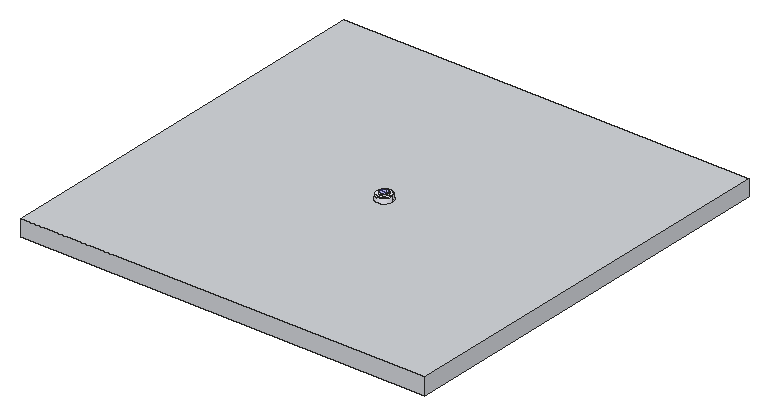
Revit family "BEG-92280", category Dispositifs d'éclairage, Revit 2015
Parameters
  Detection zone [instance] = yes
  Seat area [instance] = height position < 301 cm  # yes
  URL = "http://www.luxomat.com/en-92280"
  Type of output = "DALI (50 ballasts max)"
  Ambiant temperature = "-25°C to +50°C"
  Ref = "92280"
  Relay = "0"
  height position [instance] = 250 cm
  direct Range [instance] = height position * 2.4  # 600 cm
  transversal Range [instance] = height position * 4  # 1000 cm
  Modèle = "PD2/M/DIM-Dali/SM"
  Installation type = "Ceiling"
  Brand = "LUXOMAT"
  Image du type = 92280.jpg
  IP = "20"
  Mounting height max = Installation height max  # 300 cm
  Installation height max = 300 cm
  Fabricant = "B.E.G"
  Label [instance] = yes
  Default Elevation = 0 cm
  Consumption = "0,92W"
  Commentaires du type = "Occupancy detector PD2/M/DIM-Dali/SM"
  Code d'assemblage = "D5010200"
  Class = "2"
  Switching power LED = "0"
  Switching power Cos ɸ =1 = "0"
  Switching power Cos ɸ =0,5 = "0"
  Power voltage = "110-240 V AC"
  seated activity [instance] = height position * 1.6  # 400 cm
Reference planes (cm)
  plane 1 "Centre (avant/arrière)": y = 0
  plane 2: z = 0
  plane 3 "Centre (gauche/droite)": x = 0
Forms (cm)
  Extrusion 1, solid
    sketch origin (0, 0, 0) x (1, 0, 0) y (0, 1, 0)
      loop
        line (-121.92, 121.92) -> (-121.92, -121.92) -> (121.92, -121.92) -> (121.92, 121.92) -> (-121.92, 121.92)
    from 0 to -10
Dimensions and locks (cm)
  aligned and locked: plane 2 to Extrusion 1
  aligned and locked: level to Extrusion 1
  aligned and locked: nested 2 to plane 2
Nested families (cm)
  nested 1: "Famille1" at (0, -72.6659, 0) x (-1, 0, 0) z (0, 0, 1), reference <- "Ref", modele <- "Modèle", visible <- "Label", type "Famille1"
    with reference "92280", modele "PD2/M/DIM-Dali/SM"
  nested 2: "M8" at (0, 0, 0), type "Standard"
  nested 3: "zone G" at (0, 0, 0) x (-1, 0, 0) z (0, 0, 1), visible <- "Detection zone", activité assise <- "seated activity", biais <- "transversal Range", frontal <- "direct Range", Zone assise <- "Seat area", type "zone G"
    with position 2 240 cm, position 1 400 cm, frontal 600 cm, biais 1000 cm, activité assise 400 cm, Zone assise yes
  nested 4: "Plafond 360° 2D" at (0, 0, 0), type "Plafond 360° 2D"
Connectors (cm)
  electrical at (0, 0, 0)
    settings: on nested 2, index 1, voltage 240 V, apparent load 0 VA, apparent load phase1 0 VA, apparent load phase2 0 VA, apparent load phase3 0 VA, power factor 1, load classification "Eclairage", number of poles 1, system type 31, power factor state 1, is connector primary yes, connector utility no, sub classification motor no, connector description ""
Definition of nested family "M8"
  Reference planes (cm)
    plane 1 "Centre (avant/arrière)": y = 0
    plane 2: z = 0
    plane 3 "Centre (gauche/droite)": x = 0
    plane 4: y = 0
  Forms (cm)
    Revolve 1, solid
      sketch origin (0, 0, 0) x (-1, 0, 0) y (0, 0, 1)
        loop
          line (0, 0) -> (0, 3.6) -> (-2.45, 3.6) -> (-2.6598, 3.35) -> (-2.6598, 3.1) -> (-4.3661, 2.8) -> (-4.69, 2.4) -> (-4.9, 0) -> (0, 0)
        axis (0, 0) -> (0, 3.6)
      angle from 0 to 360
    Revolve 2, solid
      sketch origin (0, 0, 0) x (-1, 0, 0) y (0, 0, 1)
        loop
          line (0, 3.6) -> (0, 5)
          arc (0, 5) -> (-1.3892, 4.6244) -> (-2.4, 3.6) r 2.7571
          line (-2.4, 3.6) -> (0, 3.6)
        axis (0, 3.6) -> (0, 5)
      angle from 0 to 360
  Lines and regions (cm)
    reference lines
      curve 1: line (0, 0, 0) -> (0, 0, 5)
      curve 2: line (2.45, 0, 3.6) -> (0, 0, 3.6)
      curve 3: line (2.6598, 0, 3.35) -> (2.45, 0, 3.6)
      curve 4: line (2.6598, 0, 3.35) -> (2.6598, 0, 3.1)
      curve 5: line (4.3661, 0, 2.8) -> (2.6598, 0, 3.1)
      curve 6: line (4.69, 0, 2.4) -> (4.3661, 0, 2.8)
      curve 7: line (4.9, 0, 0) -> (4.69, 0, 2.4)
      curve 8: line (0, 0, 0) -> (4.9, 0, 0)
      curve 9: line (0, 0, 5) -> (0, 0, 3.6)
      curve 10: arc (0, 0, 5) -> (1.3892, 0, 4.6244) -> (2.4, 0, 3.6) r 2.7571
      curve 11: line (0, 0, 3.6) -> (2.4, 0, 3.6)
      curve 12: line (0, 0, 0) -> (0, 0, 5)
  Dimensions and locks (cm)
    aligned and locked: level to plane 2
    aligned and locked: Revolve 1 sketch curve to curve 1  (x2)
    aligned and locked: Revolve 1 sketch curve to curve 2
    aligned and locked: Revolve 1 sketch curve to curve 3
    aligned and locked: Revolve 1 sketch curve to curve 4
    aligned and locked: Revolve 1 sketch curve to curve 5
    aligned and locked: Revolve 1 sketch curve to curve 6
    aligned and locked: Revolve 1 sketch curve to curve 7
    aligned and locked: Revolve 1 sketch curve to curve 8
    aligned and locked: Revolve 2 sketch curve to curve 9
    aligned and locked: Revolve 2 sketch curve to curve 10
    aligned and locked: Revolve 2 sketch curve to curve 11
    aligned and locked: Revolve 2 sketch curve to curve 12
Definition of nested family "Famille1"
  Parameters (values of type "Famille1")
    reference [instance] = ""
    modele [instance] = ""
  Reference planes (cm)
    plane 1: y = 0
    plane 2: x = 0
  Text (cm)
    label "reference\n\nmodele" at (0.0074, 0.0451, 0), shows "reference", "modele"
Definition of nested family "zone G"
  Parameters (values of type "zone G")
    position 2 [instance] = (frontal / 2) * 0.8  # 240 cm
    position 1 [instance] = (biais / 2) * 0.8  # 400 cm
    frontal [instance] = 600 cm
    biais [instance] = 1000 cm
    activité assise [instance] = 400 cm
    Zone assise [instance] = yes
  Reference planes (cm)
    plane 1 "Centre (avant/arrière)": y = 0
    plane 2: z = 0
    plane 3 "Centre (gauche/droite)": x = 0
    plane 4: x = -400
    plane 5: y = -240
  Lines and regions (cm)
    detail lines, in view "Niveau de réf.", visible <- "Zone assise"
      curve 1: circle (0, 0, 0) r 200 normal (0, 0, 1)
      curve 4: spline (-105.2767, 3.2118, 0) -> (-104.9106, 3.0586, 0) -> (-103.8375, 2.9158, 0) -> (-102.1303, 2.7932, 0) -> (-99.9055, 2.6991, 0) -> (-97.3146, 2.6399, 0) -> (-94.5343, 2.6198, 0) -> (-91.7539, 2.6399, 0) -> (-89.163, 2.6991, 0) -> (-86.9382, 2.7932, 0) -> (-85.231, 2.9158, 0) -> (-84.1579, 3.0586, 0) -> (-83.7918, 3.2118, 0) -> (-84.1579, 3.365, 0) -> (-85.231, 3.5078, 0) -> (-86.9382, 3.6305, 0) -> (-89.163, 3.7245, 0) -> (-91.7539, 3.7837, 0) -> (-94.5343, 3.8039, 0) -> (-97.3146, 3.7837, 0) -> (-99.9055, 3.7245, 0) -> (-102.1303, 3.6305, 0) -> (-103.8375, 3.5078, 0) -> (-104.9106, 3.365, 0) -> (-105.2767, 3.2118, 0)
      curve 5: line (-105.2767, 3.2118, 0) -> (-103.7271, 3.5181, 0)
      curve 6: arc (-102.6495, -16.5888, 0) -> (-107.2915, -17.186, 0) -> (-111.6311, -18.9388, 0) r 18.3388
      curve 7: arc (-111.6311, -18.9388, 0) -> (-111.6982, -19.0046, 0) -> (-111.7229, -19.0953, 0) r 0.1799
      curve 8: arc (-102.4571, -17.1805, 0) -> (-106.7473, -17.5804, 0) -> (-110.8538, -18.8852, 0) r 20.1051
      curve 9: arc (-110.8538, -18.8852, 0) -> (-111.0396, -18.979, 0) -> (-111.2122, -19.0953, 0) r 1.6679
      curve 10: circle (-111.4676, -19.8292, 0) r 0.5096 normal (0, 0, 1)
      curve 11: arc (-110.898, -19.8292, 0) -> (-111.4676, -19.2597, 0) -> (-112.0372, -19.8292, 0) r 0.5696
      curve 12: arc (-110.838, -19.8292, 0) -> (-111.4676, -19.1997, 0) -> (-112.0972, -19.8292, 0) r 0.6296
      curve 13: arc (-86.4191, -16.5888, 0) -> (-81.7771, -17.186, 0) -> (-77.4374, -18.9388, 0) r 18.3388
      curve 14: arc (-77.4374, -18.9388, 0) -> (-77.3704, -19.0046, 0) -> (-77.3456, -19.0953, 0) r 0.1799
      curve 15: arc (-86.6114, -17.1805, 0) -> (-82.3212, -17.5804, 0) -> (-78.2147, -18.8852, 0) r 20.1051
      curve 16: arc (-78.2147, -18.8852, 0) -> (-78.0289, -18.979, 0) -> (-77.8563, -19.0953, 0) r 1.6679
      curve 17: circle (-77.6009, -19.8292, 0) r 0.5096 normal (0, 0, 1)
      curve 18: arc (-77.0314, -19.8292, 0) -> (-77.6009, -19.2597, 0) -> (-78.1705, -19.8292, 0) r 0.5696
      curve 19: arc (-76.9714, -19.8292, 0) -> (-77.6009, -19.1997, 0) -> (-78.2305, -19.8292, 0) r 0.6296
      curve 20: arc (-95.2593, -16.5888, 0) -> (-98.9871, -17.441, 0) -> (-102.5056, -18.9388, 0) r 21.5424
      curve 21: arc (-102.5056, -18.9388, 0) -> (-102.5726, -19.0046, 0) -> (-102.5974, -19.0953, 0) r 0.1799
      curve 22: arc (-95.2593, -17.1805, 0) -> (-98.5536, -17.8061, 0) -> (-101.7283, -18.8852, 0) r 23.9713
      curve 23: arc (-101.7283, -18.8852, 0) -> (-101.911, -18.9772, 0) -> (-102.081, -19.0909, 0) r 1.6679
      curve 24: arc (-95.0229, -17.1805, 0) -> (-98.2689, -17.8294, 0) -> (-101.4063, -18.8852, 0) r 26.0219
      curve 25: arc (-101.4063, -18.8852, 0) -> (-101.592, -18.979, 0) -> (-101.7647, -19.0953, 0) r 1.6679
      curve 26: circle (-102.181, -19.8292, 0) r 0.5096 normal (0, 0, 1)
      curve 27: arc (-101.6114, -19.8292, 0) -> (-102.181, -19.2597, 0) -> (-102.7506, -19.8292, 0) r 0.5696
      curve 28: arc (-101.5514, -19.8292, 0) -> (-102.181, -19.1997, 0) -> (-102.8106, -19.8292, 0) r 0.6296
      curve 29: arc (-93.8092, -16.5888, 0) -> (-90.0814, -17.441, 0) -> (-86.5629, -18.9388, 0) r 21.5424
      curve 30: arc (-86.5629, -18.9388, 0) -> (-86.4959, -19.0046, 0) -> (-86.4711, -19.0953, 0) r 0.1799
      curve 31: arc (-93.8092, -17.1805, 0) -> (-90.5149, -17.8061, 0) -> (-87.3402, -18.8852, 0) r 23.9713
      curve 32: arc (-87.3402, -18.8852, 0) -> (-87.1544, -18.979, 0) -> (-86.9818, -19.0953, 0) r 1.6679
      curve 33: arc (-94.0457, -17.1805, 0) -> (-90.7996, -17.8294, 0) -> (-87.6622, -18.8852, 0) r 26.0219
      curve 34: arc (-87.6622, -18.8852, 0) -> (-87.4765, -18.979, 0) -> (-87.3039, -19.0953, 0) r 1.6679
      curve 35: circle (-86.8875, -19.8292, 0) r 0.5096 normal (0, 0, 1)
      curve 36: arc (-86.3179, -19.8292, 0) -> (-86.8875, -19.2597, 0) -> (-87.4571, -19.8292, 0) r 0.5696
      curve 37: arc (-86.2579, -19.8292, 0) -> (-86.8875, -19.1997, 0) -> (-87.5171, -19.8292, 0) r 0.6296
      curve 38: arc (-103.0079, 8.8705, 0) -> (-101.8776, 5.8173, 0) -> (-98.8653, 4.5819, 0) r 4.0512
      curve 39: arc (-83.7186, 4.2269, 0) -> (-82.9538, 3.7817, 0) -> (-82.7946, 2.9112, 0) r 1.0582
      curve 40: arc (-82.7946, 2.9112, 0) -> (-84.0889, -6.227, 0) -> (-84.0703, -15.4564, 0) r 64.7189
      curve 41: arc (-84.0703, -15.4564, 0) -> (-83.933, -16.0031, 0) -> (-83.4527, -16.2981, 0) r 0.7467
      curve 42: arc (-83.4527, -16.2981, 0) -> (-80.3714, -16.8717, 0) -> (-77.238, -16.9405, 0) r 19.3577
      curve 43: arc (-77.238, -16.9405, 0) -> (-77.6363, -16.4391, 0) -> (-78.2461, -16.244, 0) r 1.1013
      curve 44: arc (-78.2461, -16.244, 0) -> (-80.4274, -15.8096, 0) -> (-82.5587, -15.1742, 0) r 23.8747
      curve 45: arc (-82.5587, -15.1742, 0) -> (-81.6045, -6.5488, 0) -> (-80.848, 2.0961, 0) r 379.1961
      curve 46: arc (-80.848, 2.0961, 0) -> (-81.0708, 4.8418, 0) -> (-83.0581, 6.7494, 0) r 3.8846
      curve 47: arc (-83.0581, 6.7494, 0) -> (-89.2141, 8.8147, 0) -> (-95.6542, 9.6431, 0) r 33.2193
      curve 48: arc (-95.6542, 9.6431, 0) -> (-94.8516, 17.305, 0) -> (-94.8609, 25.0089, 0) r 72.9952
      curve 49: arc (-95.1116, 28.28, 0) -> (-95.2196, 29.2958, 0) -> (-95.3418, 30.31, 0) r 72.9952
      curve 50: arc (-98.1747, 30.0752, 0) -> (-100.3426, 29.2913, 0) -> (-99.4886, 27.1501, 0) r 1.6042
      curve 51: arc (-95.3418, 30.31, 0) -> (-98.7298, 32.2574, 0) -> (-102.1179, 30.31, 0) r 3.9209
      curve 52: arc (-68.8418, 20.3177, 0) -> (-68.8537, 20.2265, 0) -> (-68.9411, 20.2549, 0) r 0.0597
      curve 53: arc (-70.9776, 20.5408, 0) -> (-70.9496, 20.3832, 0) -> (-71.1082, 20.3621, 0) r 0.1108
      curve 54: spline (-98.8908, 41.6409, 0) -> (-97.9793, 41.5103, 0) -> (-97.1229, 41.0855, 0) -> (-96.38, 40.3954, 0) -> (-95.8012, 39.4871, 0) -> (-95.426, 38.4224, 0) -> (-95.2799, 37.274, 0) -> (-95.3728, 36.12, 0) -> (-95.6985, 35.0392, 0) -> (-96.2348, 34.1051, 0) -> (-96.945, 33.3815, 0) -> (-97.7809, 32.9176, 0) -> (-98.6854, 32.7451, 0) -> (-99.5969, 32.8757, 0) -> (-100.4532, 33.3005, 0) -> (-101.1961, 33.9906, 0) -> (-101.7749, 34.8989, 0) -> (-102.1502, 35.9636, 0) -> (-102.2963, 37.112, 0) -> (-102.2033, 38.266, 0) -> (-101.8776, 39.3468, 0) -> (-101.3414, 40.2809, 0) -> (-100.6311, 41.0045, 0) -> (-99.7953, 41.4684, 0) -> (-98.8908, 41.6409, 0)
      curve 55: line (-74.1608, -20.3388, 0) -> (-33.3759, -20.3388, 0)
      curve 56: line (-33.3759, -20.3388, 0) -> (-33.3759, 18.6681, 0)
      curve 57: line (-33.3759, 18.6681, 0) -> (-74.1608, 18.6681, 0)
      curve 58: line (-74.1608, 18.6681, 0) -> (-74.1608, -20.3388, 0)
      curve 59: line (-74.1608, -20.3388, 0) -> (-120.7181, -20.3388, 0)
      curve 60: line (-80.1025, 18.6681, 0) -> (-27.4342, 18.6681, 0)
      curve 61: line (-27.4342, 18.6681, 0) -> (-27.4342, 20.1345, 0)
      curve 62: line (-27.4342, 20.1345, 0) -> (-80.1025, 20.1345, 0)
      curve 63: line (-80.1025, 20.1345, 0) -> (-80.1025, 18.6681, 0)
      curve 64: line (-95.5223, 2.6198, 0) -> (-93.5462, 2.6198, 0)
      curve 65: line (-93.5462, 2.6198, 0) -> (-93.5462, -16.5888, 0)
      curve 66: line (-93.5462, -16.5888, 0) -> (-95.5223, -16.5888, 0)
      curve 67: line (-95.5223, -16.5888, 0) -> (-95.5223, 2.6198, 0)
      curve 68: line (-95.5223, -16.5888, 0) -> (-102.6495, -16.5888, 0)
      curve 69: line (-111.7229, -19.0953, 0) -> (-111.2122, -19.0953, 0)
      curve 70: line (-93.8092, -16.5888, 0) -> (-94.0457, -17.1805, 0)
      curve 71: line (-94.0457, -17.1805, 0) -> (-93.8092, -17.1805, 0)
      curve 72: line (-93.8092, -17.1805, 0) -> (-94.5343, -17.1805, 0)
      curve 73: line (-94.5343, -17.1805, 0) -> (-95.2593, -17.1805, 0)
      curve 74: line (-95.2593, -17.1805, 0) -> (-95.0229, -17.1805, 0)
      curve 75: line (-95.0229, -17.1805, 0) -> (-95.2593, -16.5888, 0)
      curve 76: line (-98.1226, -17.1805, 0) -> (-102.4571, -17.1805, 0)
      curve 77: line (-112.0372, -19.8292, 0) -> (-112.0972, -19.8292, 0)
      curve 78: line (-110.898, -19.8292, 0) -> (-110.838, -19.8292, 0)
      curve 79: line (-111.3676, -19.2076, 0) -> (-111.3676, -19.0953, 0)
      curve 80: line (-111.5676, -19.2076, 0) -> (-111.5676, -19.0953, 0)
      curve 81: line (-93.5462, -16.5888, 0) -> (-86.4191, -16.5888, 0)
      curve 82: line (-77.3456, -19.0953, 0) -> (-77.8563, -19.0953, 0)
      curve 83: line (-90.9459, -17.1805, 0) -> (-86.6114, -17.1805, 0)
      curve 84: line (-77.0314, -19.8292, 0) -> (-76.9714, -19.8292, 0)
      curve 85: line (-78.1705, -19.8292, 0) -> (-78.2305, -19.8292, 0)
      curve 86: line (-77.7009, -19.2076, 0) -> (-77.7009, -19.0953, 0)
      curve 87: line (-77.5009, -19.2076, 0) -> (-77.5009, -19.0953, 0)
      curve 88: line (-102.5974, -19.0953, 0) -> (-101.7647, -19.0953, 0)
      curve 89: line (-102.7506, -19.8292, 0) -> (-102.8106, -19.8292, 0)
      curve 90: line (-101.6114, -19.8292, 0) -> (-101.5514, -19.8292, 0)
      curve 91: line (-102.081, -19.2076, 0) -> (-102.081, -19.0909, 0)
      curve 92: line (-102.281, -19.2076, 0) -> (-102.281, -19.0953, 0)
      curve 93: line (-86.4711, -19.0953, 0) -> (-87.3039, -19.0953, 0)
      curve 94: line (-86.3179, -19.8292, 0) -> (-86.2579, -19.8292, 0)
      curve 95: line (-87.4571, -19.8292, 0) -> (-87.5171, -19.8292, 0)
      curve 96: line (-86.9875, -19.2076, 0) -> (-86.9875, -19.0953, 0)
      curve 97: line (-86.7875, -19.2076, 0) -> (-86.7875, -19.0953, 0)
      curve 98: line (-98.8653, 4.5819, 0) -> (-83.7186, 4.2269, 0)
      curve 99: line (-103.0079, 8.8705, 0) -> (-102.1179, 30.31, 0)
      curve 100: line (-98.1747, 30.0752, 0) -> (-85.3255, 22.5448, 0)
      curve 101: line (-85.3255, 22.5448, 0) -> (-74.2929, 21.667, 0)
      curve 102: line (-74.2929, 21.667, 0) -> (-71.6033, 21.7219, 0)
      curve 103: line (-71.6033, 21.7219, 0) -> (-69.7371, 21.2829, 0)
      curve 104: line (-69.7371, 21.2829, 0) -> (-68.8418, 20.3177, 0)
      curve 105: line (-68.9411, 20.2549, 0) -> (-69.7808, 21.0896, 0)
      curve 106: line (-69.7808, 21.0896, 0) -> (-71.6115, 21.2989, 0)
      curve 107: line (-71.6115, 21.2989, 0) -> (-72.0159, 21.0248, 0)
      curve 108: line (-72.0159, 21.0248, 0) -> (-70.9776, 20.5408, 0)
      curve 109: line (-71.1082, 20.3621, 0) -> (-72.6656, 20.8949, 0)
      curve 110: line (-72.6656, 20.8949, 0) -> (-74.496, 20.6558, 0)
      curve 111: line (-74.496, 20.6558, 0) -> (-86.0144, 20.9158, 0)
      curve 112: line (-86.0144, 20.9158, 0) -> (-99.4886, 27.1501, 0)
      curve 113: line (-99.8644, 32.9741, 0) -> (-99.9944, 32.0479, 0)
      curve 114: line (-97.5142, 33.0301, 0) -> (-97.3718, 32.0147, 0)
      curve 115: line (-33.3759, -20.3388, 0) -> (-21.8014, -20.3388, 0)
    detail lines, in view "Niveau de réf."
      curve 2: circle (0, 0, 0) r 300 normal (0, 0, 1)
      curve 3: circle (0, 0, 0) r 500 normal (0, 0, 1)
      curve 116: spline (2.3068, -267.7265, 0) -> (4.0856, -267.3949, 0) -> (5.7432, -266.4226, 0) -> (7.1667, -264.876, 0) -> (8.2589, -262.8603, 0) -> (8.9455, -260.5131, 0) -> (9.1797, -257.9942, 0) -> (8.9455, -255.4753, 0) -> (8.2589, -253.1281, 0) -> (7.1667, -251.1125, 0) -> (5.7432, -249.5658, 0) -> (4.0856, -248.5936, 0) -> (2.3068, -248.262, 0) -> (0.5279, -248.5936, 0) -> (-1.1297, -249.5658, 0) -> (-2.5531, -251.1125, 0) -> (-3.6453, -253.1281, 0) -> (-4.3319, -255.4753, 0) -> (-4.5661, -257.9942, 0) -> (-4.3319, -260.5131, 0) -> (-3.6453, -262.8603, 0) -> (-2.5531, -264.876, 0) -> (-1.1297, -266.4226, 0) -> (0.5279, -267.3949, 0) -> (2.3068, -267.7265, 0)
      curve 117: line (-4.7649, -255.0929, 0) -> (0.5136, -267.9212, 0)
      curve 118: line (3.5648, -268.0775, 0) -> (9.2455, -254.5266, 0)
      curve 119: line (-0.3759, -248.4588, 0) -> (-3.0011, -250.8806, 0)
      curve 120: line (3.5053, -268.5045, 0) -> (6.62, -268.3756, 0)
      curve 121: line (1.7304, -268.3525, 0) -> (3.5053, -268.5045, 0)
      curve 122: line (-4.7649, -255.0929, 0) -> (0.5136, -267.9212, 0)
      curve 123: line (-21.1936, -255.3894, 0) -> (-24.4202, -257.3623, 0)
      curve 124: line (-21.1936, -255.3894, 0) -> (-24.4202, -257.3623, 0)
      curve 125: line (-0.3759, -248.4588, 0) -> (-3.0011, -250.8806, 0)
      curve 126: line (1.7304, -268.3525, 0) -> (6.62, -268.3756, 0)
      curve 127: line (3.5648, -268.0775, 0) -> (9.2455, -254.5266, 0)
      curve 128: line (0, -240, 0) -> (0, -209.0788, 0)
      curve 129: line (0, -209.0788, 0) -> (0, -200.7814, 0)
      curve 130: spline (-397.6932, -27.7265, 0) -> (-395.9144, -27.3949, 0) -> (-394.2568, -26.4226, 0) -> (-392.8333, -24.876, 0) -> (-391.7411, -22.8603, 0) -> (-391.0545, -20.5131, 0) -> (-390.8203, -17.9942, 0) -> (-391.0545, -15.4753, 0) -> (-391.7411, -13.1281, 0) -> (-392.8333, -11.1125, 0) -> (-394.2568, -9.5658, 0) -> (-395.9144, -8.5936, 0) -> (-397.6932, -8.262, 0) -> (-399.4721, -8.5936, 0) -> (-401.1297, -9.5658, 0) -> (-402.5531, -11.1125, 0) -> (-403.6453, -13.1281, 0) -> (-404.3319, -15.4753, 0) -> (-404.5661, -17.9942, 0) -> (-404.3319, -20.5131, 0) -> (-403.6453, -22.8603, 0) -> (-402.5531, -24.876, 0) -> (-401.1297, -26.4226, 0) -> (-399.4721, -27.3949, 0) -> (-397.6932, -27.7265, 0)
      curve 131: line (-404.7649, -15.0929, 0) -> (-399.4864, -27.9212, 0)
      curve 132: line (-396.4352, -28.0775, 0) -> (-390.7545, -14.5266, 0)
      curve 133: line (-400.3759, -8.4588, 0) -> (-403.0011, -10.8806, 0)
      curve 134: line (-396.4947, -28.5045, 0) -> (-393.38, -28.3756, 0)
      curve 135: line (-398.2696, -28.3525, 0) -> (-396.4947, -28.5045, 0)
      curve 136: line (-404.7649, -15.0929, 0) -> (-399.4864, -27.9212, 0)
      curve 137: line (-421.1936, -15.3894, 0) -> (-424.4202, -17.3623, 0)
      curve 138: line (-421.1936, -15.3894, 0) -> (-424.4202, -17.3623, 0)
      curve 139: line (-400.3759, -8.4588, 0) -> (-403.0011, -10.8806, 0)
      curve 140: line (-398.2696, -28.3525, 0) -> (-393.38, -28.3756, 0)
      curve 141: line (-396.4352, -28.0775, 0) -> (-390.7545, -14.5266, 0)
      curve 142: line (-400, 0, 0) -> (-400, 30.9212, 0)
      curve 143: line (-400, 30.9212, 0) -> (-400, 39.2186, 0)
    detail lines, in view "Niveau de réf.", visible <- "Zone assise", not visible
      curve 144: spline (925.976, -22.5654, 0) -> (926.342, -22.7186, 0) -> (927.4152, -22.8614, 0) -> (929.1224, -22.984, 0) -> (931.3472, -23.0781, 0) -> (933.938, -23.1373, 0) -> (936.7184, -23.1574, 0) -> (939.4987, -23.1373, 0) -> (942.0896, -23.0781, 0) -> (944.3144, -22.984, 0) -> (946.0216, -22.8614, 0) -> (947.0948, -22.7186, 0) -> (947.4608, -22.5654, 0) -> (947.0948, -22.4122, 0) -> (946.0216, -22.2694, 0) -> (944.3144, -22.1467, 0) -> (942.0896, -22.0527, 0) -> (939.4987, -21.9935, 0) -> (936.7184, -21.9733, 0) -> (933.938, -21.9935, 0) -> (931.3472, -22.0527, 0) -> (929.1224, -22.1467, 0) -> (927.4152, -22.2694, 0) -> (926.342, -22.4122, 0) -> (925.976, -22.5654, 0)
      curve 145: line (925.976, -22.5654, 0) -> (927.5256, -22.2591, 0)
      curve 146: arc (928.6032, -42.366, 0) -> (923.9612, -42.9632, 0) -> (919.6215, -44.716, 0) r 18.3388
      curve 147: arc (919.6215, -44.716, 0) -> (919.5545, -44.7818, 0) -> (919.5297, -44.8725, 0) r 0.1799
      curve 148: arc (928.7956, -42.9577, 0) -> (924.5053, -43.3576, 0) -> (920.3988, -44.6624, 0) r 20.1051
      curve 149: arc (920.3988, -44.6624, 0) -> (920.213, -44.7562, 0) -> (920.0404, -44.8725, 0) r 1.6679
      curve 150: circle (919.7851, -45.6065, 0) r 0.5096 normal (0, 0, 1)
      curve 151: arc (920.3547, -45.6065, 0) -> (919.7851, -45.0369, 0) -> (919.2155, -45.6065, 0) r 0.5696
      curve 152: arc (920.4147, -45.6065, 0) -> (919.7851, -44.9769, 0) -> (919.1555, -45.6065, 0) r 0.6296
      curve 153: arc (944.8336, -42.366, 0) -> (949.4756, -42.9632, 0) -> (953.8152, -44.716, 0) r 18.3388
      curve 154: arc (953.8152, -44.716, 0) -> (953.8823, -44.7818, 0) -> (953.907, -44.8725, 0) r 0.1799
      curve 155: arc (944.6412, -42.9577, 0) -> (948.9315, -43.3576, 0) -> (953.038, -44.6624, 0) r 20.1051
      curve 156: arc (953.038, -44.6624, 0) -> (953.2237, -44.7562, 0) -> (953.3964, -44.8725, 0) r 1.6679
      curve 157: circle (953.6517, -45.6065, 0) r 0.5096 normal (0, 0, 1)
      curve 158: arc (954.2213, -45.6065, 0) -> (953.6517, -45.0369, 0) -> (953.0821, -45.6065, 0) r 0.5696
      curve 159: arc (954.2813, -45.6065, 0) -> (953.6517, -44.9769, 0) -> (953.0221, -45.6065, 0) r 0.6296
      curve 160: arc (935.9933, -42.366, 0) -> (932.2655, -43.2182, 0) -> (928.7471, -44.716, 0) r 21.5424
      curve 161: arc (928.7471, -44.716, 0) -> (928.68, -44.7818, 0) -> (928.6553, -44.8725, 0) r 0.1799
      curve 162: arc (935.9933, -42.9577, 0) -> (932.6991, -43.5833, 0) -> (929.5243, -44.6624, 0) r 23.9713
      curve 163: arc (929.5243, -44.6624, 0) -> (929.3417, -44.7544, 0) -> (929.1716, -44.8681, 0) r 1.6679
      curve 164: arc (936.2298, -42.9577, 0) -> (932.9838, -43.6066, 0) -> (929.8464, -44.6624, 0) r 26.0219
      curve 165: arc (929.8464, -44.6624, 0) -> (929.6606, -44.7562, 0) -> (929.488, -44.8725, 0) r 1.6679
      curve 166: circle (929.0716, -45.6065, 0) r 0.5096 normal (0, 0, 1)
      curve 167: arc (929.6412, -45.6065, 0) -> (929.0716, -45.0369, 0) -> (928.502, -45.6065, 0) r 0.5696
      curve 168: arc (929.7012, -45.6065, 0) -> (929.0716, -44.9769, 0) -> (928.442, -45.6065, 0) r 0.6296
      curve 169: arc (937.4435, -42.366, 0) -> (941.1713, -43.2182, 0) -> (944.6897, -44.716, 0) r 21.5424
      curve 170: arc (944.6897, -44.716, 0) -> (944.7568, -44.7818, 0) -> (944.7815, -44.8725, 0) r 0.1799
      curve 171: arc (937.4435, -42.9577, 0) -> (940.7377, -43.5833, 0) -> (943.9124, -44.6624, 0) r 23.9713
      curve 172: arc (943.9124, -44.6624, 0) -> (944.0982, -44.7562, 0) -> (944.2708, -44.8725, 0) r 1.6679
      curve 173: arc (937.207, -42.9577, 0) -> (940.453, -43.6066, 0) -> (943.5904, -44.6624, 0) r 26.0219
      curve 174: arc (943.5904, -44.6624, 0) -> (943.7762, -44.7562, 0) -> (943.9488, -44.8725, 0) r 1.6679
      curve 175: circle (944.3651, -45.6065, 0) r 0.5096 normal (0, 0, 1)
      curve 176: arc (944.9347, -45.6065, 0) -> (944.3651, -45.0369, 0) -> (943.7956, -45.6065, 0) r 0.5696
      curve 177: arc (944.9947, -45.6065, 0) -> (944.3651, -44.9769, 0) -> (943.7356, -45.6065, 0) r 0.6296
      curve 178: arc (928.2447, -16.9067, 0) -> (929.3751, -19.9599, 0) -> (932.3873, -21.1953, 0) r 4.0512
      curve 179: arc (947.5341, -21.5503, 0) -> (948.2989, -21.9955, 0) -> (948.4581, -22.866, 0) r 1.0582
      curve 180: arc (948.4581, -22.866, 0) -> (947.1637, -32.0042, 0) -> (947.1824, -41.2336, 0) r 64.7189
      curve 181: arc (947.1824, -41.2336, 0) -> (947.3196, -41.7803, 0) -> (947.8, -42.0753, 0) r 0.7467
      curve 182: arc (947.8, -42.0753, 0) -> (950.8812, -42.6489, 0) -> (954.0146, -42.7177, 0) r 19.3577
      curve 183: arc (954.0146, -42.7177, 0) -> (953.6164, -42.2163, 0) -> (953.0065, -42.0212, 0) r 1.1013
      curve 184: arc (953.0065, -42.0212, 0) -> (950.8253, -41.5868, 0) -> (948.6939, -40.9514, 0) r 23.8747
      curve 185: arc (948.6939, -40.9514, 0) -> (949.6481, -32.326, 0) -> (950.4047, -23.6811, 0) r 379.1961
      curve 186: arc (950.4047, -23.6811, 0) -> (950.1819, -20.9354, 0) -> (948.1945, -19.0278, 0) r 3.8846
      curve 187: arc (948.1945, -19.0278, 0) -> (942.0386, -16.9625, 0) -> (935.5985, -16.1341, 0) r 33.2193
      curve 188: arc (935.5985, -16.1341, 0) -> (936.4011, -8.4722, 0) -> (936.3918, -0.7683, 0) r 72.9952
      curve 189: arc (936.1411, 2.5028, 0) -> (936.0331, 3.5186, 0) -> (935.9108, 4.5328, 0) r 72.9952
      curve 190: arc (933.0779, 4.298, 0) -> (930.9101, 3.5141, 0) -> (931.7641, 1.3729, 0) r 1.6042
      curve 191: arc (935.9108, 4.5328, 0) -> (932.5228, 6.4802, 0) -> (929.1348, 4.5328, 0) r 3.9209
      curve 192: arc (962.4108, -5.4595, 0) -> (962.3989, -5.5507, 0) -> (962.3115, -5.5223, 0) r 0.0597
      curve 193: arc (960.275, -5.2364, 0) -> (960.303, -5.394, 0) -> (960.1444, -5.4151, 0) r 0.1108
      curve 194: spline (932.3619, 15.8637, 0) -> (933.2734, 15.7331, 0) -> (934.1297, 15.3083, 0) -> (934.8726, 14.6182, 0) -> (935.4514, 13.7099, 0) -> (935.8267, 12.6452, 0) -> (935.9728, 11.4968, 0) -> (935.8798, 10.3428, 0) -> (935.5541, 9.262, 0) -> (935.0179, 8.3279, 0) -> (934.3076, 7.6043, 0) -> (933.4718, 7.1404, 0) -> (932.5673, 6.9679, 0) -> (931.6558, 7.0985, 0) -> (930.7994, 7.5233, 0) -> (930.0565, 8.2134, 0) -> (929.4777, 9.1217, 0) -> (929.1025, 10.1864, 0) -> (928.9564, 11.3348, 0) -> (929.0493, 12.4888, 0) -> (929.375, 13.5696, 0) -> (929.9113, 14.5037, 0) -> (930.6215, 15.2273, 0) -> (931.4574, 15.6912, 0) -> (932.3619, 15.8637, 0)
      curve 195: line (957.0918, -46.116, 0) -> (997.8768, -46.116, 0)
      curve 196: line (997.8768, -46.116, 0) -> (997.8768, -7.1091, 0)
      curve 197: line (997.8768, -7.1091, 0) -> (957.0918, -7.1091, 0)
      curve 198: line (957.0918, -7.1091, 0) -> (957.0918, -46.116, 0)
      curve 199: line (957.0918, -46.116, 0) -> (910.5345, -46.116, 0)
      curve 200: line (951.1501, -7.1091, 0) -> (1003.8185, -7.1091, 0)
      curve 201: line (1003.8185, -7.1091, 0) -> (1003.8185, -5.6427, 0)
      curve 202: line (1003.8185, -5.6427, 0) -> (951.1501, -5.6427, 0)
      curve 203: line (951.1501, -5.6427, 0) -> (951.1501, -7.1091, 0)
      curve 204: line (935.7304, -23.1574, 0) -> (937.7064, -23.1574, 0)
      curve 205: line (937.7064, -23.1574, 0) -> (937.7064, -42.366, 0)
      curve 206: line (937.7064, -42.366, 0) -> (935.7304, -42.366, 0)
      curve 207: line (935.7304, -42.366, 0) -> (935.7304, -23.1574, 0)
      curve 208: line (935.7304, -42.366, 0) -> (928.6032, -42.366, 0)
      curve 209: line (919.5297, -44.8725, 0) -> (920.0404, -44.8725, 0)
      curve 210: line (937.4435, -42.366, 0) -> (937.207, -42.9577, 0)
      curve 211: line (937.207, -42.9577, 0) -> (937.4435, -42.9577, 0)
      curve 212: line (937.4435, -42.9577, 0) -> (936.7184, -42.9577, 0)
      curve 213: line (936.7184, -42.9577, 0) -> (935.9933, -42.9577, 0)
      curve 214: line (935.9933, -42.9577, 0) -> (936.2298, -42.9577, 0)
      curve 215: line (936.2298, -42.9577, 0) -> (935.9933, -42.366, 0)
      curve 216: line (933.13, -42.9577, 0) -> (928.7956, -42.9577, 0)
      curve 217: line (919.2155, -45.6065, 0) -> (919.1555, -45.6065, 0)
      curve 218: line (920.3547, -45.6065, 0) -> (920.4147, -45.6065, 0)
      curve 219: line (919.8851, -44.9848, 0) -> (919.8851, -44.8725, 0)
      curve 220: line (919.6851, -44.9848, 0) -> (919.6851, -44.8725, 0)
      curve 221: line (937.7064, -42.366, 0) -> (944.8336, -42.366, 0)
      curve 222: line (953.907, -44.8725, 0) -> (953.3964, -44.8725, 0)
      curve 223: line (940.3068, -42.9577, 0) -> (944.6412, -42.9577, 0)
      curve 224: line (954.2213, -45.6065, 0) -> (954.2813, -45.6065, 0)
      curve 225: line (953.0821, -45.6065, 0) -> (953.0221, -45.6065, 0)
      curve 226: line (953.5517, -44.9848, 0) -> (953.5517, -44.8725, 0)
      curve 227: line (953.7517, -44.9848, 0) -> (953.7517, -44.8725, 0)
      curve 228: line (928.6553, -44.8725, 0) -> (929.488, -44.8725, 0)
      curve 229: line (928.502, -45.6065, 0) -> (928.442, -45.6065, 0)
      curve 230: line (929.6412, -45.6065, 0) -> (929.7012, -45.6065, 0)
      curve 231: line (929.1716, -44.9848, 0) -> (929.1716, -44.8681, 0)
      curve 232: line (928.9716, -44.9848, 0) -> (928.9716, -44.8725, 0)
      curve 233: line (944.7815, -44.8725, 0) -> (943.9488, -44.8725, 0)
      curve 234: line (944.9347, -45.6065, 0) -> (944.9947, -45.6065, 0)
      curve 235: line (943.7956, -45.6065, 0) -> (943.7356, -45.6065, 0)
      curve 236: line (944.2651, -44.9848, 0) -> (944.2651, -44.8725, 0)
      curve 237: line (944.4651, -44.9848, 0) -> (944.4651, -44.8725, 0)
      curve 238: line (932.3873, -21.1953, 0) -> (947.5341, -21.5503, 0)
      curve 239: line (928.2447, -16.9067, 0) -> (929.1348, 4.5328, 0)
      curve 240: line (933.0779, 4.298, 0) -> (945.9271, -3.2324, 0)
      curve 241: line (945.9271, -3.2324, 0) -> (956.9598, -4.1102, 0)
      curve 242: line (956.9598, -4.1102, 0) -> (959.6493, -4.0553, 0)
      curve 243: line (959.6493, -4.0553, 0) -> (961.5155, -4.4943, 0)
      curve 244: line (961.5155, -4.4943, 0) -> (962.4108, -5.4595, 0)
      curve 245: line (962.3115, -5.5223, 0) -> (961.4719, -4.6876, 0)
      curve 246: line (961.4719, -4.6876, 0) -> (959.6412, -4.4783, 0)
      curve 247: line (959.6412, -4.4783, 0) -> (959.2367, -4.7524, 0)
      curve 248: line (959.2367, -4.7524, 0) -> (960.275, -5.2364, 0)
      curve 249: line (960.1444, -5.4151, 0) -> (958.5871, -4.8823, 0)
      curve 250: line (958.5871, -4.8823, 0) -> (956.7566, -5.1214, 0)
      curve 251: line (956.7566, -5.1214, 0) -> (945.2383, -4.8614, 0)
      curve 252: line (945.2383, -4.8614, 0) -> (931.7641, 1.3729, 0)
      curve 253: line (931.3882, 7.1969, 0) -> (931.2583, 6.2707, 0)
      curve 254: line (933.7384, 7.2529, 0) -> (933.8809, 6.2375, 0)
      curve 255: line (997.8768, -46.116, 0) -> (1009.4512, -46.116, 0)
    detail lines, in view "Niveau de réf.", not visible
      curve 256: spline (630.3724, -48.277, 0) -> (632.1512, -47.9453, 0) -> (633.8088, -46.9731, 0) -> (635.2323, -45.4264, 0) -> (636.3245, -43.4108, 0) -> (637.0111, -41.0636, 0) -> (637.2453, -38.5447, 0) -> (637.0111, -36.0258, 0) -> (636.3245, -33.6786, 0) -> (635.2323, -31.663, 0) -> (633.8088, -30.1163, 0) -> (632.1512, -29.1441, 0) -> (630.3724, -28.8124, 0) -> (628.5935, -29.1441, 0) -> (626.9359, -30.1163, 0) -> (625.5125, -31.663, 0) -> (624.4202, -33.6786, 0) -> (623.7336, -36.0258, 0) -> (623.4995, -38.5447, 0) -> (623.7336, -41.0636, 0) -> (624.4202, -43.4108, 0) -> (625.5125, -45.4264, 0) -> (626.9359, -46.9731, 0) -> (628.5935, -47.9453, 0) -> (630.3724, -48.277, 0)
      curve 257: line (623.3007, -35.6434, 0) -> (628.5792, -48.4717, 0)
      curve 258: line (631.6303, -48.628, 0) -> (637.311, -35.0771, 0)
      curve 259: line (627.6897, -29.0093, 0) -> (625.0645, -31.4311, 0)
      curve 260: line (631.5709, -49.055, 0) -> (634.6856, -48.9261, 0)
      curve 261: line (629.7959, -48.903, 0) -> (631.5709, -49.055, 0)
      curve 262: line (623.3007, -35.6434, 0) -> (628.5792, -48.4717, 0)
      curve 263: line (606.872, -35.9399, 0) -> (603.6454, -37.9127, 0)
      curve 264: line (606.872, -35.9399, 0) -> (603.6454, -37.9127, 0)
      curve 265: line (627.6897, -29.0093, 0) -> (625.0645, -31.4311, 0)
      curve 266: line (629.7959, -48.903, 0) -> (634.6856, -48.9261, 0)
      curve 267: line (631.6303, -48.628, 0) -> (637.311, -35.0771, 0)
      curve 268: line (628.0656, -20.5505, 0) -> (628.0656, 10.3707, 0)
      curve 269: line (628.0656, 10.3707, 0) -> (628.0656, 18.6681, 0)
      curve 270: spline (1030.3724, -260.777, 0) -> (1032.1512, -260.4453, 0) -> (1033.8088, -259.4731, 0) -> (1035.2323, -257.9264, 0) -> (1036.3245, -255.9108, 0) -> (1037.0111, -253.5636, 0) -> (1037.2453, -251.0447, 0) -> (1037.0111, -248.5258, 0) -> (1036.3245, -246.1786, 0) -> (1035.2323, -244.163, 0) -> (1033.8088, -242.6163, 0) -> (1032.1512, -241.6441, 0) -> (1030.3724, -241.3124, 0) -> (1028.5935, -241.6441, 0) -> (1026.9359, -242.6163, 0) -> (1025.5125, -244.163, 0) -> (1024.4202, -246.1786, 0) -> (1023.7336, -248.5258, 0) -> (1023.4995, -251.0447, 0) -> (1023.7336, -253.5636, 0) -> (1024.4202, -255.9108, 0) -> (1025.5125, -257.9264, 0) -> (1026.9359, -259.4731, 0) -> (1028.5935, -260.4453, 0) -> (1030.3724, -260.777, 0)
      curve 271: line (1023.3007, -248.1434, 0) -> (1028.5792, -260.9717, 0)
      curve 272: line (1031.6303, -261.128, 0) -> (1037.311, -247.5771, 0)
      curve 273: line (1027.6897, -241.5093, 0) -> (1025.0645, -243.9311, 0)
      curve 274: line (1031.5709, -261.555, 0) -> (1034.6856, -261.4261, 0)
      curve 275: line (1029.7959, -261.403, 0) -> (1031.5709, -261.555, 0)
      curve 276: line (1023.3007, -248.1434, 0) -> (1028.5792, -260.9717, 0)
      curve 277: line (1006.872, -248.4399, 0) -> (1003.6454, -250.4127, 0)
      curve 278: line (1006.872, -248.4399, 0) -> (1003.6454, -250.4127, 0)
      curve 279: line (1027.6897, -241.5093, 0) -> (1025.0645, -243.9311, 0)
      curve 280: line (1029.7959, -261.403, 0) -> (1034.6856, -261.4261, 0)
      curve 281: line (1031.6303, -261.128, 0) -> (1037.311, -247.5771, 0)
      curve 282: line (1028.0656, -233.0505, 0) -> (1028.0656, -202.1293, 0)
      curve 283: line (1028.0656, -202.1293, 0) -> (1028.0656, -193.8319, 0)
  Text (cm)
    text "2" at (0.4332, -281.3743, 0), in view "Niveau de réf."
    text "1" at (-399.5668, -41.3743, 0), in view "Niveau de réf."
    text "1" at (628.4988, -61.9248, 0), in view "Niveau de réf.", not visible
    text "2" at (1028.4988, -274.4248, 0), in view "Niveau de réf.", not visible
  Dimensions and locks (cm)
    "position 1": plane 4 to plane 3 "Centre (gauche/droite)"
    "position 2": plane 5 to plane 1 "Centre (avant/arrière)"
    "activité assise": diameter of curve 1
    "biais": diameter of curve 3
    "frontal": diameter of curve 2
    aligned and locked: curve 142 to plane 1 "Centre (avant/arrière)"
    aligned and locked: curve 128 to plane 3 "Centre (gauche/droite)"
    aligned and locked: plane 4 to curve 142
    aligned and locked: plane 5 to curve 128
  Automatic sketch dimensions
    curve 1 to curve 2 = 0 cm  (x2)
    curve 1 to curve 3 = 0 cm  (x2)
    curve 2 to curve 3 = 0 cm  (x2)
    plane 1 "Centre (avant/arrière)" to curve 2 = 0 cm
    curve 2 to plane 3 "Centre (gauche/droite)" = 0 cm
Definition of nested family "Plafond 360° 2D"
  Reference planes (cm)
    plane 1: y = 0
    plane 2: x = 0
  Lines and regions (cm)
    Filled region 1, type "rouge"
      outline origin (0, 0, 0) x (1, 0, 0) y (0, 1, 0)
        loop
          circle (0, 0) r 0.0294
    detail lines
      curve 1: arc (-0.1732, 0.1, 0) -> (-0.2, 0, 0) -> (-0.1732, -0.1, 0) r 0.2
      curve 2: arc (-0.1, -0.1732, 0) -> (0, -0.2, 0) -> (0.1, -0.1732, 0) r 0.2
      curve 3: arc (0.1732, -0.1, 0) -> (0.2, 0, 0) -> (0.1732, 0.1, 0) r 0.2
      curve 4: arc (0.1, 0.1732, 0) -> (0, 0.2, 0) -> (-0.1, 0.1732, 0) r 0.2
      curve 5: arc (-0.1375, 0.0794, 0) -> (-0.1588, 0, 0) -> (-0.1375, -0.0794, 0) r 0.1588
      curve 6: arc (-0.0794, -0.1375, 0) -> (0, -0.1588, 0) -> (0.0794, -0.1375, 0) r 0.1588
      curve 7: arc (0.1375, -0.0794, 0) -> (0.1588, 0, 0) -> (0.1375, 0.0794, 0) r 0.1588
      curve 8: arc (0.0794, 0.1375, 0) -> (0, 0.1588, 0) -> (-0.0794, 0.1375, 0) r 0.1588
      curve 9: arc (-0.1019, 0.0588, 0) -> (-0.1176, 0, 0) -> (-0.1019, -0.0588, 0) r 0.1176
      curve 10: arc (-0.0588, -0.1019, 0) -> (0, -0.1176, 0) -> (0.0588, -0.1019, 0) r 0.1176
      curve 11: arc (0.1019, -0.0588, 0) -> (0.1176, 0, 0) -> (0.1019, 0.0588, 0) r 0.1176
      curve 12: arc (0.0588, 0.1019, 0) -> (0, 0.1176, 0) -> (-0.0588, 0.1019, 0) r 0.1176
      curve 13: arc (-0.0294, 0, 0) -> (0, -0.0294, 0) -> (0.0294, 0, 0) r 0.0294
      curve 14: arc (0.0294, 0, 0) -> (0, 0.0294, 0) -> (-0.0294, 0, 0) r 0.0294
